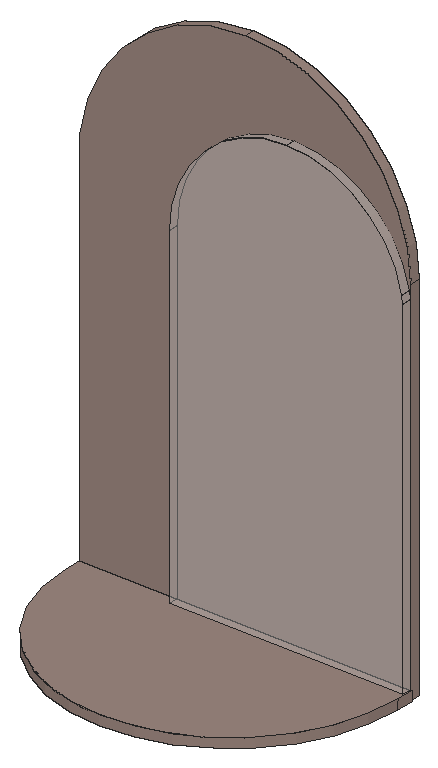
Revit family "Haworth_BuzziMirage_Medium", category Furniture, Revit 2018
Family settings
  OmniClass Number = 23.40.70.14.64.21
  OmniClass Title = Systems Furniture
  Work Plane-Based = No
  Always vertical = Yes
  Cut with Voids When Loaded = No
  Shared = No
  Room Calculation Point = No
Parameters (values of type "HCBZ-MGM1-P")
  Warranty = "http://www.haworth.com/resources/product-info/warranties"
  URL - Product = "https://www.haworth.com/products/accessories/accessories-decor/buzzimirage"
  URL = "http://www.haworth.com/our-brands/haworth-collection"
  Size = "Verify Final Dim. w/ Haworth"  # constant formula
  Revision Number = "1"  # constant formula
  Model = "HCBZ-MGM"  # constant formula
  Mirror Height = 23.62109"  # constant formula
  Mirror Finish = Haworth _ Glass _ Clear
  Manufacturer = "Haworth"  # constant formula
  Frame Finish [instance] = Haworth _ Paint _ Beige Red BTR-3012
  Description = "Haworth BuzziMirage Medium Mirror"  # constant formula
  Author = "Haworth (Abd Rahman)"  # constant formula
  Assembly Code = "E2020200"
  Actual Width = 16.92969"  # constant formula
  Actual Height = 27.55859"  # constant formula
  Actual Depth = 10.62891"  # constant formula
Reference planes (in)
  plane 1 "Center F/B": y = 1.75
  plane 2: z = 0
  plane 3 "Back": y = 7.06445
  plane 4 "Front": y = -3.56445
  plane 5 "Top": z = 27.55859
  plane 6 "Right": x = 30.92522
  plane 7 "Left": x = 13.99553
  plane 8: x = 22.46038
  plane 9 "Base Top": z = 0.49311
  plane 10: z = 23.62109
Forms (in)
  Extrusion 1, solid, material "Haworth _ Paint _ Beige Red BTR-3012" <- "Frame Finish"
    sketch origin (0, 1.75, 0) x (1, 0, 0) y (0, 0, 1)
      loop
        line (13.99553, 19.95612) -> (13.99553, 0) -> (30.92522, 0) -> (30.92522, 19.09375)
        arc (30.92522, 19.09375) -> (28.44592, 25.0793) -> (22.46038, 27.55859) r 8.46484
        arc (22.46038, 27.55859) -> (16.80182, 25.4072) -> (14.00053, 20.0406) r 8.52007
        arc (14.00053, 20.0406) -> (13.99678, 19.99843) -> (13.99553, 19.95612) r 0.71679
    from -4.5293 to -4.02148
  Extrusion 2, solid, material "Haworth _ Paint _ Beige Red BTR-3012" <- "Frame Finish"
    sketch origin (0, 1.75, 0) x (1, 0, 0) y (0, 0, 1)
      loop
        line (16.46038, 0) -> (28.46038, 0) -> (28.46038, 19.06)
        arc (28.46038, 19.06) -> (26.70302, 23.30264) -> (22.46038, 25.06) r 6
        arc (22.46038, 25.06) -> (18.21774, 23.30264) -> (16.46038, 19.06) r 6
        line (16.46038, 19.06) -> (16.46038, 0)
    from -5.31445 to -4.5293
  Extrusion 3, solid, material "Haworth _ Glass _ Clear" <- "Mirror Finish"
    sketch origin (0, 1.75, 0) x (1, 0, 0) y (0, 0, 1)
      loop
        line (19.00038, 17.62) -> (19.00038, 0.49311) -> (30.92522, 0.49311) -> (30.92522, 18.4029)
        arc (30.92522, 18.4029) -> (30.91553, 18.59952) -> (30.88656, 18.79424) r 2
        arc (30.88656, 18.79424) -> (28.80715, 22.26003) -> (25.00147, 23.62109) r 6.00109
        arc (25.00147, 23.62109) -> (20.75806, 21.86341) -> (19.00038, 17.62) r 6.00109
    from -4.02148 to -3.52148
  Extrusion 4, solid, material "Haworth _ Paint _ Beige Red BTR-3012" <- "Frame Finish"
    sketch origin (0, 4.53125, 0) x (1, 0, 0) y (0, 1, 0)
      loop
        line (30.96038, 0.4048) -> (30.96038, 1.24023) -> (13.96038, 1.24023) -> (13.96038, 0.4048)
        arc (13.96038, 0.4048) -> (22.46038, -8.0952) -> (30.96038, 0.4048) r 8.5
    from 0 to 0.49311
Cuts and joins
  joined: Extrusion 1, Extrusion 2, Extrusion 4
Lines and regions (in)
  Masking region 1
    outline origin (0, 4.5, 0) x (1, 0, 0) y (0, 1, 0)
      loop
        line (13.99553, 1.75) -> (13.99553, 1.12593)
        arc (13.99553, 1.12593) -> (21.6881, -8.11119) -> (30.92522, -0.41863) r 8.5
        line (30.92522, -0.41863) -> (30.92522, 1.75) -> (28.46038, 1.75) -> (28.46038, 2.5) -> (16.46038, 2.5) -> (16.46038, 1.75) -> (13.99553, 1.75)
  symbolic lines
    curve 1: line (14.00053, 6.25, 0) -> (30.92522, 6.25, 0)
    curve 2: line (30.92522, 6.25, 0) -> (30.92522, 5.74384, 0)
    curve 3: line (30.92522, 5.74384, 0) -> (14.00712, 5.74384, 0)
    curve 4: line (19.00038, 5.74384, 0) -> (19.00038, 5.24384, 0)
    curve 5: line (19.00038, 5.24384, 0) -> (30.92522, 5.24384, 0)
Dimensions and locks (in)
  "Actual Width": plane 7 "Left" to plane 6 "Right"
  "Actual Depth": plane 4 "Front" to plane 3 "Back"
  equal spacing: plane 4 "Front", plane 1 "Center F/B", plane 3 "Back"
  "Actual Height": plane 5 "Top" to level
  equal spacing: plane 7 "Left", plane 8, plane 6 "Right"
  plane 3 "Back" to plane 4 "Front" = 10.62891"
  "Mirror Height": plane 2 to plane 10
  aligned and locked: plane 6 "Right" to Extrusion 1
  aligned and locked: plane 7 "Left" to Extrusion 1
  aligned and locked: plane 7 "Left" to Extrusion 1 sketch curve
  aligned and locked: Extrusion 1 sketch curve to plane 6 "Right"
  aligned and locked: plane 9 "Base Top" to Extrusion 4
  aligned and locked: Extrusion 4 to plane 2
  aligned and locked: plane 9 "Base Top" to Extrusion 3 sketch curve
  aligned and locked: plane 3 "Back" to cut or joined group of Extrusion 1, Extrusion 2, Extrusion 4
  aligned and locked: Extrusion 3 to cut or joined group of Extrusion 1, Extrusion 2, Extrusion 4
  aligned and locked: cut or joined group of Extrusion 1, Extrusion 2, Extrusion 4 to cut or joined group of Extrusion 1, Extrusion 2, Extrusion 4
Automatic sketch dimensions
  Extrusion 1 sketch curve to plane 5 "Top" = 0"
  plane 8 to Extrusion 1 sketch curve = 0"
  Extrusion 1 sketch curve to level = 0"
  Extrusion 1 sketch curve to plane 8 = 0.00109"
  Extrusion 1 sketch curve to Extrusion 1 sketch curve = 0.05523"
  Extrusion 1 sketch curve to plane 7 "Left" = 0.005"
  Extrusion 1 sketch curve to Extrusion 1 sketch curve = 0"
  Extrusion 2 sketch curve to Extrusion 2 sketch curve = 0"
  plane 8 to Extrusion 2 sketch curve = 0"
  Extrusion 2 sketch curve to plane 7 "Left" = 2.46484"
  Extrusion 2 sketch curve to plane 10 = 4.56109"
  Extrusion 2 sketch curve to level = 0"
  Extrusion 4 sketch curve to plane 8 = 0"
  plane 7 "Left" to Extrusion 4 sketch curve = 0.03516"
  Extrusion 4 sketch curve to plane 1 "Center F/B" = 3.18605"
  Extrusion 4 sketch curve to plane 1 "Center F/B" = 4.02148"
  Extrusion 3 sketch curve to Extrusion 3 sketch curve = 0"  (x4)
  Extrusion 3 sketch curve to plane 10 = 0"
  Extrusion 3 sketch curve to plane 6 "Right" = 0"
  Extrusion 3 sketch curve to Extrusion 3 sketch curve = 0.78289"
  Extrusion 3 sketch curve to plane 6 "Right" = 0.03866"
  curve 1 to plane 1 "Center F/B" = 4.5"
  curve 1 to plane 6 "Right" = 0"
  curve 5 to plane 6 "Right" = 0"
  curve 3 to curve 1 = 0.50616"
  curve 5 to plane 1 "Center F/B" = 3.49384"
  plane 8 to curve 5 = 3.46"
  curve 3 to plane 7 "Left" = 0.01159"
  curve 1 to plane 7 "Left" = 0.005"
  Masking region 1 sketch curve to plane 7 "Left" = 0"
  Masking region 1 sketch curve to plane 8 = 0"
  Masking region 1 sketch curve to plane 1 "Center F/B" = 4.5"  (x2)
  Masking region 1 sketch curve to plane 6 "Right" = 0"
  Masking region 1 sketch curve to plane 1 "Center F/B" = 5.25"
  Masking region 1 sketch curve to Masking region 1 sketch curve = 2.46484"
  Masking region 1 sketch curve to Masking region 1 sketch curve = 0.62407"
  Masking region 1 sketch curve to plane 1 "Center F/B" = 3.10365"
  Masking region 1 sketch curve to plane 6 "Right" = 2.46484"
  Extrusion 3 sketch curve to Extrusion 3 sketch curve = 2"
